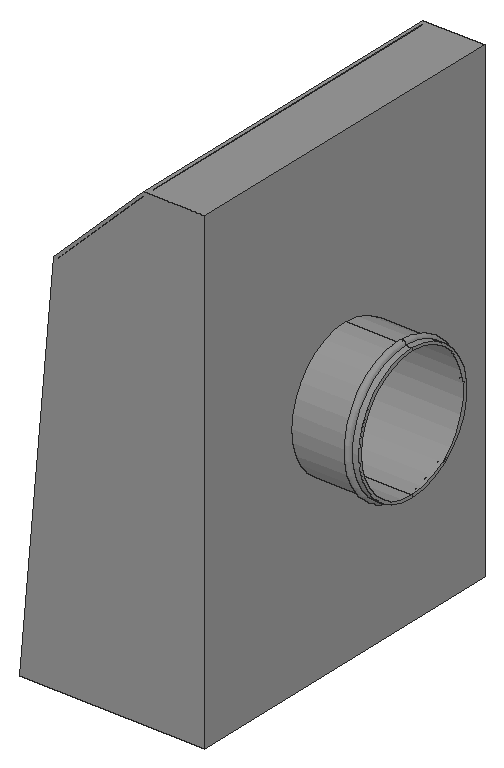
Revit family "ВЦН_ЕС_Eng", category Mechanical Equipment, Revit 2021 (continued)
Dimensions and locks
  "B1": cut or joined group 1 (Extrusion 1, Extrusion 2, Extrusion 3, Extrusion 4, Extrusion 5, Extrusion 6, Extrusion 7, Extrusion 8, Extrusion 9, Extrusion 10, Extrusion 11, Extrusion 13, Extrusion 14, Extrusion 15, Extrusion 16, Extrusion 17, Extrusion 18, Extrusion 19, Extrusion 20, Extrusion 21, Extrusion 22, Extrusion 23, Extrusion 24, Extrusion 25, Extrusion 26, Extrusion 27, Extrusion 28, Extrusion 29, Extrusion 30, Extrusion 31, Extrusion 32, Extrusion 33, Extrusion 34, Extrusion 35, Extrusion 36, Extrusion 37, Extrusion 38, Extrusion 39, Extrusion 40, Extrusion 41, Extrusion 42, Extrusion 43, Extrusion 44, Extrusion 45, Extrusion 46, Extrusion 47, Extrusion 48, Extrusion 49, Extrusion 50, Extrusion 51, Extrusion 52, Extrusion 53, Extrusion 54, Extrusion 55, Extrusion 56, Extrusion 57, Extrusion 58, Extrusion 59, Extrusion 60, Extrusion 61, Extrusion 62, Extrusion 63, Extrusion 64, Extrusion 65, Extrusion 66, Extrusion 67, Extrusion 68, Extrusion 69, Extrusion 70, Extrusion 71, Extrusion 72, Extrusion 73, Extrusion 74, Extrusion 75, Extrusion 76, Extrusion 77, Extrusion 78, Extrusion 79, Extrusion 80, Extrusion 81, Extrusion 82, Extrusion 83, Extrusion 85, Extrusion 86, Extrusion 87, Extrusion 88, Extrusion 89, Extrusion 90, Extrusion 91, Extrusion 92, Extrusion 93, Extrusion 94, Extrusion 95, Extrusion 96, Extrusion 97, Extrusion 98, Extrusion 99, Extrusion 100, Extrusion 101, Extrusion 102, Extrusion 103, Extrusion 104, Extrusion 105, Extrusion 106, Extrusion 107, Extrusion 108, Extrusion 109, Extrusion 110, Extrusion 111, Extrusion 112, Extrusion 113, Extrusion 114, Extrusion 115, Extrusion 116, Extrusion 117, Extrusion 118, Extrusion 119, Extrusion 120, Extrusion 121, Extrusion 122, Extrusion 123, Extrusion 124, Extrusion 125, Extrusion 126, Extrusion 127, Extrusion 128, Extrusion 129, Extrusion 130, Extrusion 131, Extrusion 132, Extrusion 133, Extrusion 134, Extrusion 135, Extrusion 136, Extrusion 137, Extrusion 138, Extrusion 139, Extrusion 140, Extrusion 141, Extrusion 142, Extrusion 143, Extrusion 144, Extrusion 145, Extrusion 146, Extrusion 147, Extrusion 148, Extrusion 149, Extrusion 152, Extrusion 153, Extrusion 154, Extrusion 155, Extrusion 156, Extrusion 157, Extrusion 158, Extrusion 159, Extrusion 160, Extrusion 161, Extrusion 162, Extrusion 163, Extrusion 164, Extrusion 165, Extrusion 166, Extrusion 167, Extrusion 168, Extrusion 169, Extrusion 170, Extrusion 171, Extrusion 172, Extrusion 173, Extrusion 174, Extrusion 175, Extrusion 176, Extrusion 177, Extrusion 178, Extrusion 179, Extrusion 180, Extrusion 181, Extrusion 182, Extrusion 183, Extrusion 184, Extrusion 185, Extrusion 186, Extrusion 187) to cut or joined group 1
  equal spacing: group 1, group 2, group 3, group 4, group 5, group 6, group 7, group 8, group 9, group 164  (x3)
  equal spacing: group 12, group 13, group 14, group 15, group 16, group 17, group 18, group 19, group 20, group 165  (x3)
  equal spacing: group 10, group 21, group 31, group 41, group 51, group 61, group 71, group 81, group 200  (x3)
  equal spacing: group 22, group 23, group 24, group 25, group 26, group 27, group 28, group 29, group 30, group 166  (x3)
  equal spacing: group 32, group 33, group 34, group 35, group 36, group 37, group 38, group 39, group 40, group 167  (x3)
  equal spacing: group 42, group 43, group 44, group 45, group 46, group 47, group 48, group 49, group 50, group 168  (x3)
  equal spacing: group 52, group 53, group 54, group 55, group 56, group 57, group 58, group 59, group 60, group 169  (x3)
  equal spacing: group 62, group 63, group 64, group 65, group 66, group 67, group 68, group 69, group 70, group 170  (x3)
  equal spacing: group 72, group 73, group 74, group 75, group 76, group 77, group 78, group 79, group 80, group 171  (x3)
  equal spacing: group 82, group 83, group 84, group 85, group 86, group 87, group 88, group 89, group 181  (x3)
  equal spacing: group 92, group 93, group 94, group 95, group 96, group 97, group 98, group 99, group 182  (x3)
  equal spacing: group 90, group 100, group 109, group 118, group 127, group 136, group 145, group 154, group 163, group 180  (x2)
  equal spacing: group 180, group 163, group 154, group 145, group 136, group 127, group 118, group 109, group 100, group 90
  equal spacing: group 101, group 102, group 103, group 104, group 105, group 106, group 107, group 108, group 183  (x3)
  equal spacing: group 110, group 111, group 112, group 113, group 114, group 115, group 116, group 117, group 184  (x3)
  equal spacing: group 119, group 120, group 121, group 122, group 123, group 124, group 125, group 126, group 185  (x3)
  equal spacing: group 128, group 129, group 130, group 131, group 132, group 133, group 134, group 135, group 186  (x3)
  equal spacing: group 137, group 138, group 139, group 140, group 141, group 142, group 143, group 144, group 187  (x3)
  equal spacing: group 146, group 147, group 148, group 149, group 150, group 151, group 152, group 153, group 188  (x3)
  equal spacing: group 155, group 156, group 157, group 158, group 159, group 160, group 161, group 162, group 189  (x3)
  "h": plane 6 to level
  locked: Revolve 150 sketch curve to Revolve 150 sketch curve at 2  (x4)
  "R": plane 6 to Revolve 150 sketch curve
  "L2": plane 3 "По центру (Влево/Вправо)" to Revolve 150 sketch curve
  locked: Revolve 150 sketch curve to plane 3 "По центру (Влево/Вправо)" at 50
  locked: plane 3 "По центру (Влево/Вправо)" to Revolve 150 sketch curve at 40
  locked: plane 6 to Revolve 150 sketch curve at 30
  "R1": plane 6 to Revolve 150 sketch curve
  locked: nested 1 to plane 3 "По центру (Влево/Вправо)" at 2
  Revolve 151 sketch curve to Revolve 151 sketch curve = 5 mm
  Revolve 151 sketch curve to plane 3 "По центру (Влево/Вправо)" = 40 mm
  "R": Revolve 151 sketch curve to plane 6
  "b1": nested 1 to plane 1 "По центру (Вперед/Назад)"
  equal spacing: group 172, group 173, group 174, group 175, group 176, group 177, group 178, group 179, group 190  (x3)
  equal spacing: group 191, group 192, group 193, group 194, group 195, group 196, group 197, group 198, group 199, group 201  (x3)
  "D": diameter of Extrusion 149 sketch curve
  locked: plane 5 to Extrusion 1 sketch curve (angle 45.00°)
  aligned and locked: level to plane 2
  aligned and locked: plane 6 to Revolve 150 sketch curve
Automatic sketch dimensions
  Extrusion 3 sketch curve to Extrusion 3 sketch curve = 10 mm  (x2)
  Extrusion 4 sketch curve to Extrusion 4 sketch curve = 10 mm  (x2)
  Extrusion 5 sketch curve to Extrusion 5 sketch curve = 10 mm  (x2)
  Extrusion 6 sketch curve to Extrusion 6 sketch curve = 10 mm  (x2)
  Extrusion 7 sketch curve to Extrusion 7 sketch curve = 10 mm  (x2)
  Extrusion 8 sketch curve to Extrusion 8 sketch curve = 10 mm  (x2)
  Extrusion 9 sketch curve to Extrusion 9 sketch curve = 10 mm  (x2)
  Extrusion 10 sketch curve to Extrusion 10 sketch curve = 10 mm  (x2)
  Extrusion 11 sketch curve to Extrusion 11 sketch curve = 10 mm  (x2)
  Extrusion 12 sketch curve to Extrusion 12 sketch curve = 10 mm  (x2)
  Extrusion 13 sketch curve to Extrusion 13 sketch curve = 10 mm  (x2)
  Extrusion 14 sketch curve to Extrusion 14 sketch curve = 10 mm  (x2)
  Extrusion 15 sketch curve to Extrusion 15 sketch curve = 10 mm  (x2)
  Extrusion 16 sketch curve to Extrusion 16 sketch curve = 10 mm  (x2)
  Extrusion 17 sketch curve to Extrusion 17 sketch curve = 10 mm  (x2)
  Extrusion 18 sketch curve to Extrusion 18 sketch curve = 10 mm  (x2)
  Extrusion 19 sketch curve to Extrusion 19 sketch curve = 10 mm  (x2)
  Extrusion 20 sketch curve to Extrusion 20 sketch curve = 10 mm  (x2)
  Extrusion 21 sketch curve to Extrusion 21 sketch curve = 10 mm  (x2)
  Extrusion 22 sketch curve to Extrusion 22 sketch curve = 10 mm  (x2)
  Extrusion 23 sketch curve to Extrusion 23 sketch curve = 10 mm  (x2)
  Extrusion 24 sketch curve to Extrusion 24 sketch curve = 10 mm  (x2)
  Extrusion 25 sketch curve to Extrusion 25 sketch curve = 10 mm  (x2)
  Extrusion 26 sketch curve to Extrusion 26 sketch curve = 10 mm  (x2)
  Extrusion 27 sketch curve to Extrusion 27 sketch curve = 10 mm  (x2)
  Extrusion 28 sketch curve to Extrusion 28 sketch curve = 10 mm  (x2)
  Extrusion 29 sketch curve to Extrusion 29 sketch curve = 10 mm  (x2)
  Extrusion 30 sketch curve to Extrusion 30 sketch curve = 10 mm  (x2)
  Extrusion 31 sketch curve to Extrusion 31 sketch curve = 10 mm  (x2)
  Extrusion 32 sketch curve to Extrusion 32 sketch curve = 10 mm  (x2)
  Extrusion 33 sketch curve to Extrusion 33 sketch curve = 10 mm  (x2)
  Extrusion 34 sketch curve to Extrusion 34 sketch curve = 10 mm  (x2)
  Extrusion 35 sketch curve to Extrusion 35 sketch curve = 10 mm  (x2)
  Extrusion 36 sketch curve to Extrusion 36 sketch curve = 10 mm  (x2)
  Extrusion 37 sketch curve to Extrusion 37 sketch curve = 10 mm  (x2)
  Extrusion 38 sketch curve to Extrusion 38 sketch curve = 10 mm  (x2)
  Extrusion 39 sketch curve to Extrusion 39 sketch curve = 10 mm  (x2)
  Extrusion 40 sketch curve to Extrusion 40 sketch curve = 10 mm  (x2)
  Extrusion 41 sketch curve to Extrusion 41 sketch curve = 10 mm  (x2)
  Extrusion 42 sketch curve to Extrusion 42 sketch curve = 10 mm  (x2)
  Extrusion 43 sketch curve to Extrusion 43 sketch curve = 10 mm  (x2)
  Extrusion 44 sketch curve to Extrusion 44 sketch curve = 10 mm  (x2)
  Extrusion 45 sketch curve to Extrusion 45 sketch curve = 10 mm  (x2)
  Extrusion 46 sketch curve to Extrusion 46 sketch curve = 10 mm  (x2)
  Extrusion 47 sketch curve to Extrusion 47 sketch curve = 10 mm  (x2)
  Extrusion 48 sketch curve to Extrusion 48 sketch curve = 10 mm  (x2)
  Extrusion 49 sketch curve to Extrusion 49 sketch curve = 10 mm  (x2)
  Extrusion 50 sketch curve to Extrusion 50 sketch curve = 10 mm  (x2)
  Extrusion 51 sketch curve to Extrusion 51 sketch curve = 10 mm  (x2)
  Extrusion 52 sketch curve to Extrusion 52 sketch curve = 10 mm  (x2)
  Extrusion 53 sketch curve to Extrusion 53 sketch curve = 10 mm  (x2)
  Extrusion 54 sketch curve to Extrusion 54 sketch curve = 10 mm  (x2)
  Extrusion 55 sketch curve to Extrusion 55 sketch curve = 10 mm  (x2)
  Extrusion 56 sketch curve to Extrusion 56 sketch curve = 10 mm  (x2)
  Extrusion 57 sketch curve to Extrusion 57 sketch curve = 10 mm  (x2)
  Extrusion 58 sketch curve to Extrusion 58 sketch curve = 10 mm  (x2)
  Extrusion 59 sketch curve to Extrusion 59 sketch curve = 10 mm  (x2)
  Extrusion 60 sketch curve to Extrusion 60 sketch curve = 10 mm  (x2)
  Extrusion 61 sketch curve to Extrusion 61 sketch curve = 10 mm  (x2)
  Extrusion 62 sketch curve to Extrusion 62 sketch curve = 10 mm  (x2)
  Extrusion 63 sketch curve to Extrusion 63 sketch curve = 10 mm  (x2)
  Extrusion 64 sketch curve to Extrusion 64 sketch curve = 10 mm  (x2)
  Extrusion 65 sketch curve to Extrusion 65 sketch curve = 10 mm  (x2)
  Extrusion 66 sketch curve to Extrusion 66 sketch curve = 10 mm  (x2)
  Extrusion 67 sketch curve to Extrusion 67 sketch curve = 10 mm  (x2)
  Extrusion 68 sketch curve to Extrusion 68 sketch curve = 10 mm  (x2)
  Extrusion 69 sketch curve to Extrusion 69 sketch curve = 10 mm  (x2)
  Extrusion 70 sketch curve to Extrusion 70 sketch curve = 10 mm  (x2)
  Extrusion 71 sketch curve to Extrusion 71 sketch curve = 10 mm  (x2)
  Extrusion 72 sketch curve to Extrusion 72 sketch curve = 10 mm  (x2)
  Extrusion 73 sketch curve to Extrusion 73 sketch curve = 10 mm  (x2)
  Extrusion 74 sketch curve to Extrusion 74 sketch curve = 10 mm  (x2)
  Extrusion 75 sketch curve to Extrusion 75 sketch curve = 10 mm  (x2)
  Extrusion 76 sketch curve to Extrusion 76 sketch curve = 10 mm  (x2)
  Extrusion 77 sketch curve to Extrusion 77 sketch curve = 10 mm  (x2)
  Extrusion 78 sketch curve to Extrusion 78 sketch curve = 10 mm  (x2)
  Extrusion 79 sketch curve to Extrusion 79 sketch curve = 10 mm  (x2)
  Extrusion 80 sketch curve to Extrusion 80 sketch curve = 10 mm  (x2)
  Extrusion 81 sketch curve to Extrusion 81 sketch curve = 10 mm  (x2)
  Extrusion 82 sketch curve to Extrusion 82 sketch curve = 10 mm  (x2)
  Extrusion 83 sketch curve to Extrusion 83 sketch curve = 10 mm  (x2)
  Extrusion 84 sketch curve to Extrusion 84 sketch curve = 10 mm  (x2)
  Extrusion 85 sketch curve to Extrusion 85 sketch curve = 10 mm  (x2)
  Extrusion 86 sketch curve to Extrusion 86 sketch curve = 10 mm  (x2)
  Extrusion 87 sketch curve to Extrusion 87 sketch curve = 10 mm  (x2)
  Extrusion 88 sketch curve to Extrusion 88 sketch curve = 10 mm  (x2)
  Extrusion 89 sketch curve to Extrusion 89 sketch curve = 10 mm  (x2)
  Extrusion 90 sketch curve to Extrusion 90 sketch curve = 10 mm  (x2)
  Extrusion 91 sketch curve to Extrusion 91 sketch curve = 10 mm  (x2)
  Extrusion 92 sketch curve to Extrusion 92 sketch curve = 10 mm  (x2)
  Extrusion 93 sketch curve to Extrusion 93 sketch curve = 10 mm  (x2)
  Extrusion 94 sketch curve to Extrusion 94 sketch curve = 10 mm  (x2)
  Extrusion 95 sketch curve to Extrusion 95 sketch curve = 10 mm  (x2)
  Extrusion 96 sketch curve to Extrusion 96 sketch curve = 10 mm  (x2)
  Extrusion 97 sketch curve to Extrusion 97 sketch curve = 10 mm  (x2)
  Extrusion 98 sketch curve to Extrusion 98 sketch curve = 10 mm  (x2)
  Extrusion 99 sketch curve to Extrusion 99 sketch curve = 10 mm  (x2)
  Extrusion 100 sketch curve to Extrusion 100 sketch curve = 10 mm  (x2)
  Extrusion 101 sketch curve to Extrusion 101 sketch curve = 10 mm  (x2)
  Extrusion 102 sketch curve to Extrusion 102 sketch curve = 10 mm  (x2)
  Extrusion 103 sketch curve to Extrusion 103 sketch curve = 10 mm  (x2)
  Extrusion 104 sketch curve to Extrusion 104 sketch curve = 10 mm  (x2)
  Extrusion 105 sketch curve to Extrusion 105 sketch curve = 10 mm  (x2)
  Extrusion 106 sketch curve to Extrusion 106 sketch curve = 10 mm  (x2)
  Extrusion 107 sketch curve to Extrusion 107 sketch curve = 10 mm  (x2)
  Extrusion 108 sketch curve to Extrusion 108 sketch curve = 10 mm  (x2)
  Extrusion 109 sketch curve to Extrusion 109 sketch curve = 10 mm  (x2)
  Extrusion 110 sketch curve to Extrusion 110 sketch curve = 10 mm  (x2)
  Extrusion 111 sketch curve to Extrusion 111 sketch curve = 10 mm  (x2)
  Extrusion 112 sketch curve to Extrusion 112 sketch curve = 10 mm  (x2)
  Extrusion 113 sketch curve to Extrusion 113 sketch curve = 10 mm  (x2)
  Extrusion 114 sketch curve to Extrusion 114 sketch curve = 10 mm  (x2)
  Extrusion 115 sketch curve to Extrusion 115 sketch curve = 10 mm  (x2)
  Extrusion 116 sketch curve to Extrusion 116 sketch curve = 10 mm  (x2)
  Extrusion 117 sketch curve to Extrusion 117 sketch curve = 10 mm  (x2)
  Extrusion 118 sketch curve to Extrusion 118 sketch curve = 10 mm  (x2)
  Extrusion 119 sketch curve to Extrusion 119 sketch curve = 10 mm  (x2)
  Extrusion 120 sketch curve to Extrusion 120 sketch curve = 10 mm  (x2)
  Extrusion 121 sketch curve to Extrusion 121 sketch curve = 10 mm  (x2)
  Extrusion 122 sketch curve to Extrusion 122 sketch curve = 10 mm  (x2)
  Extrusion 123 sketch curve to Extrusion 123 sketch curve = 10 mm  (x2)
  Extrusion 124 sketch curve to Extrusion 124 sketch curve = 10 mm  (x2)
  Extrusion 125 sketch curve to Extrusion 125 sketch curve = 10 mm  (x2)
  Extrusion 126 sketch curve to Extrusion 126 sketch curve = 10 mm  (x2)
  Extrusion 127 sketch curve to Extrusion 127 sketch curve = 10 mm  (x2)
  Extrusion 128 sketch curve to Extrusion 128 sketch curve = 10 mm  (x2)
  Extrusion 129 sketch curve to Extrusion 129 sketch curve = 10 mm  (x2)
  Extrusion 130 sketch curve to Extrusion 130 sketch curve = 10 mm  (x2)
  Extrusion 131 sketch curve to Extrusion 131 sketch curve = 10 mm  (x2)
  Extrusion 132 sketch curve to Extrusion 132 sketch curve = 10 mm  (x2)
  Extrusion 133 sketch curve to Extrusion 133 sketch curve = 10 mm  (x2)
  Extrusion 134 sketch curve to Extrusion 134 sketch curve = 10 mm  (x2)
  Extrusion 135 sketch curve to Extrusion 135 sketch curve = 10 mm  (x2)
  Extrusion 136 sketch curve to Extrusion 136 sketch curve = 10 mm  (x2)
  Extrusion 137 sketch curve to Extrusion 137 sketch curve = 10 mm  (x2)
  Extrusion 138 sketch curve to Extrusion 138 sketch curve = 10 mm  (x2)
  Extrusion 139 sketch curve to Extrusion 139 sketch curve = 10 mm  (x2)
  Extrusion 140 sketch curve to Extrusion 140 sketch curve = 10 mm  (x2)
  Extrusion 141 sketch curve to Extrusion 141 sketch curve = 10 mm  (x2)
  Extrusion 142 sketch curve to Extrusion 142 sketch curve = 10 mm  (x2)
  Extrusion 143 sketch curve to Extrusion 143 sketch curve = 10 mm  (x2)
  Extrusion 144 sketch curve to Extrusion 144 sketch curve = 10 mm  (x2)
  Extrusion 145 sketch curve to Extrusion 145 sketch curve = 10 mm  (x2)
  Extrusion 146 sketch curve to Extrusion 146 sketch curve = 10 mm  (x2)
  Extrusion 147 sketch curve to Extrusion 147 sketch curve = 10 mm  (x2)
  Extrusion 148 sketch curve to Extrusion 148 sketch curve = 10 mm  (x2)
  Extrusion 152 sketch curve to Extrusion 152 sketch curve = 10 mm  (x2)
  Extrusion 153 sketch curve to Extrusion 153 sketch curve = 10 mm  (x2)
  Extrusion 154 sketch curve to Extrusion 154 sketch curve = 10 mm  (x2)
  Extrusion 155 sketch curve to Extrusion 155 sketch curve = 10 mm  (x2)
  Extrusion 156 sketch curve to Extrusion 156 sketch curve = 10 mm  (x2)
  Extrusion 157 sketch curve to Extrusion 157 sketch curve = 10 mm  (x2)
  Extrusion 158 sketch curve to Extrusion 158 sketch curve = 10 mm  (x2)
  Extrusion 159 sketch curve to Extrusion 159 sketch curve = 10 mm  (x2)
  Extrusion 160 sketch curve to Extrusion 160 sketch curve = 10 mm  (x2)
  Extrusion 161 sketch curve to Extrusion 161 sketch curve = 10 mm  (x2)
  Extrusion 162 sketch curve to Extrusion 162 sketch curve = 10 mm  (x2)
  Extrusion 163 sketch curve to Extrusion 163 sketch curve = 10 mm  (x2)
  Extrusion 164 sketch curve to Extrusion 164 sketch curve = 10 mm  (x2)
  Extrusion 165 sketch curve to Extrusion 165 sketch curve = 10 mm  (x2)
  Extrusion 166 sketch curve to Extrusion 166 sketch curve = 10 mm  (x2)
  Extrusion 167 sketch curve to Extrusion 167 sketch curve = 10 mm  (x2)
  Extrusion 1 sketch curve to level = 0 mm
  Extrusion 1 sketch curve to plane 4 = 0 mm
  Extrusion 1 sketch curve to plane 5 = 0 mm
  Extrusion 1 sketch curve to plane 3 "По центру (Влево/Вправо)" = 0 mm
  plane 4 to Extrusion 1 sketch curve = 25.216 mm
  Extrusion 149 sketch curve to plane 1 "По центру (Вперед/Назад)" = 0 mm
  Extrusion 149 sketch curve to plane 6 = 0 mm
  Revolve 150 sketch curve to plane 6 = 0 mm
  Revolve 150 sketch curve to Revolve 150 sketch curve = 11.766 mm
  Revolve 150 sketch curve to plane 3 "По центру (Влево/Вправо)" = 25.14 mm
  Revolve 150 sketch curve to Revolve 150 sketch curve = 15.14 mm
  Revolve 150 sketch curve to Revolve 150 sketch curve = 14.86 mm
  Revolve 151 sketch curve to plane 6 = 0 mm
  plane 3 "По центру (Влево/Вправо)" to Revolve 151 sketch curve = 30 mm
  Revolve 151 sketch curve to Revolve 151 sketch curve = 15 mm
  Extrusion 168 sketch curve to Extrusion 168 sketch curve = 10 mm  (x2)
  Extrusion 169 sketch curve to Extrusion 169 sketch curve = 10 mm  (x2)
  Extrusion 170 sketch curve to Extrusion 170 sketch curve = 10 mm  (x2)
  Extrusion 171 sketch curve to Extrusion 171 sketch curve = 10 mm  (x2)
  Extrusion 172 sketch curve to Extrusion 172 sketch curve = 10 mm  (x2)
  Extrusion 173 sketch curve to Extrusion 173 sketch curve = 10 mm  (x2)
  Extrusion 174 sketch curve to Extrusion 174 sketch curve = 10 mm  (x2)
  Extrusion 175 sketch curve to Extrusion 175 sketch curve = 10 mm  (x2)
  Extrusion 176 sketch curve to Extrusion 176 sketch curve = 10 mm  (x2)
  Extrusion 177 sketch curve to Extrusion 177 sketch curve = 10 mm  (x2)
  Extrusion 178 sketch curve to Extrusion 178 sketch curve = 10 mm  (x2)
  Extrusion 179 sketch curve to Extrusion 179 sketch curve = 10 mm  (x2)
  Extrusion 180 sketch curve to Extrusion 180 sketch curve = 10 mm  (x2)
  Extrusion 181 sketch curve to Extrusion 181 sketch curve = 10 mm  (x2)
  Extrusion 182 sketch curve to Extrusion 182 sketch curve = 10 mm  (x2)
  Extrusion 183 sketch curve to Extrusion 183 sketch curve = 10 mm  (x2)
  Extrusion 184 sketch curve to Extrusion 184 sketch curve = 10 mm  (x2)
  Extrusion 185 sketch curve to Extrusion 185 sketch curve = 10 mm  (x2)
  Extrusion 186 sketch curve to Extrusion 186 sketch curve = 10 mm  (x2)
  Extrusion 187 sketch curve to Extrusion 187 sketch curve = 10 mm  (x2)
Nested families
  nested 1: "Electrical box" at (-2, -84.5, 309.5) x (0, 1, 0) z (-1, 0, 0), type "75х75"
Connectors
  electrical at (-27, -43, 309.5), driven by "Voltage", driven by "Apparent Load"
    settings: on nested 1, index 1, voltage 230 V, apparent load 71.3 VA, apparent load phase1 0 VA, apparent load phase2 0 VA, apparent load phase3 0 VA, power factor 1, load classification "Двигатель", number of poles 1, system type 30, power factor state 1, is connector primary yes, connector utility no, sub classification motor no, connector description ""
  hvac at (50, 0, 177.5), driven by "D"
    settings: on Revolve 150, index 2, duct flow 0.0 m³/h, flow factor 0, pres drop 0.0 Pa, loss coef 0, conn angle 0.00°, conn width 304.8 mm, conn height 304.8 mm, conn diameter 100 mm, duct sys type 3, conn prof type 0, flow config 0, flow direction 1, loss method 0, conn ref index -1, conn util no, is conn primary yes, conn desc ""
Definition of nested family "Electrical box"
  Parameters (values of type "75х75")
    Ш1 = Ш / 2 - 15 mm  # 22.5 mm
    Ш = 75 mm
    Default Elevation = 0 mm
    Л = Д / 4  # 18.75 mm
    Д1 = Д / 2 - 15 mm  # 22.5 mm
    Д = 75 mm
    h = H / 2  # 25 mm
    H = 50 mm
  Reference planes
    plane 1 "По центру (Вперед/Назад)": y = 0
    plane 2: z = 0
    plane 3 "По центру (Влево/Вправо)": x = 0
  Forms (mm)
    Extrusion 1, solid
      sketch origin (0, 0, 0) x (1, 0, 0) y (0, 1, 0)
        loop
          line (-37.5, 37.5) -> (-37.5, -37.5) -> (37.5, -37.5) -> (37.5, 37.5) -> (-37.5, 37.5)
      from 0 to 50 <- "H"
    Sweep 2, void
      path in 3D
        loop
          line (-37.5, 37.5, 50) -> (-37.5, -37.5, 50) -> (37.5, -37.5, 50) -> (37.5, 37.5, 50) -> (-37.5, 37.5, 50)
      profile origin (0, 37.5, 50) x (0, -1, 0) y (0, 0, 1)
        loop
          line (5, 0) -> (0, 0) -> (0, -5)
          arc (0, -5) -> (1.464, -1.464) -> (5, 0) r 5
    Extrusion 3, void
      sketch origin (0, 0, 0) x (0, 1, 0) y (0, 0, 1)
        loop
          circle (0, 25) r 10
      from -37.5 to -32.5
    Extrusion 4, void
      sketch origin (0, 0, 0) x (0, 1, 0) y (0, 0, 1)
        loop
          circle (0, 25) r 10
      from 32.5 to 37.5
    Extrusion 5, void
      sketch origin (0, 0, 0) x (1, 0, 0) y (0, 0, 1)
        loop
          circle (18.75, 25) r 10
        loop
          circle (-18.75, 25) r 10
      from 32.5 to 37.5
    Extrusion 6, void
      sketch origin (0, 0, 0) x (1, 0, 0) y (0, 0, 1)
        loop
          circle (18.75, 25) r 10
        loop
          circle (-18.75, 25) r 10
      from -37.5 to -32.5
  Cuts and joins
    Sweep 2, Extrusion 3, Extrusion 4, Extrusion 5, Extrusion 6 cuts Extrusion 1
  Lines and regions (mm)
    sketch lines
      curve 1: line (37.5, 37.5, 50) -> (-37.5, 37.5, 50)
      curve 2: line (37.5, -37.5, 50) -> (37.5, 37.5, 50)
      curve 3: line (-37.5, -37.5, 50) -> (37.5, -37.5, 50)
      curve 4: line (-37.5, 37.5, 50) -> (-37.5, -37.5, 50)
  Dimensions and locks
    "Д": Extrusion 1 sketch curve to Extrusion 1 sketch curve
    "Ш": Extrusion 1 sketch curve to Extrusion 1 sketch curve
    equal spacing: Extrusion 1 sketch curve, plane 3 "По центру (Влево/Вправо)", Extrusion 1 sketch curve
    equal spacing: Extrusion 1 sketch curve, plane 1 "По центру (Вперед/Назад)", Extrusion 1 sketch curve
    "Д1": nested 2 to plane 3 "По центру (Влево/Вправо)"
    "Д1": plane 3 "По центру (Влево/Вправо)" to nested 1
    "Д1": nested 4 to plane 3 "По центру (Влево/Вправо)"
    "Д1": plane 3 "По центру (Влево/Вправо)" to nested 3
    "Ш1": nested 3 to plane 1 "По центру (Вперед/Назад)"
    "Ш1": plane 1 "По центру (Вперед/Назад)" to nested 1
    "Ш1": nested 4 to plane 1 "По центру (Вперед/Назад)"
    "Ш1": plane 1 "По центру (Вперед/Назад)" to nested 2
    "h": Extrusion 3 sketch curve to level
    "h": Extrusion 4 sketch curve to level
    "h": level to Extrusion 5 sketch curve  (x2)
    "Л": plane 3 "По центру (Влево/Вправо)" to Extrusion 5 sketch curve
    "Л": Extrusion 5 sketch curve to plane 3 "По центру (Влево/Вправо)"
    "h": level to Extrusion 6 sketch curve  (x2)
    "Л": Extrusion 6 sketch curve to plane 3 "По центру (Влево/Вправо)"
    "Л": plane 3 "По центру (Влево/Вправо)" to Extrusion 6 sketch curve
    "h": level to nested 5
    "h": level to nested 6
    "Л": nested 8 to plane 3 "По центру (Влево/Вправо)"
    "Л": nested 7 to plane 3 "По центру (Влево/Вправо)"
    "Л": plane 3 "По центру (Влево/Вправо)" to nested 9
    "Л": plane 3 "По центру (Влево/Вправо)" to nested 10
    radius of Extrusion 6 sketch curve = 10 mm
    aligned and locked: level to plane 2
    aligned and locked: Extrusion 1 to Extrusion 3
    aligned and locked: Sweep 2 to Extrusion 3
    aligned and locked: Extrusion 1 to Extrusion 4
    aligned and locked: Sweep 2 to Extrusion 4
    aligned and locked: Extrusion 1 to Extrusion 5
    aligned and locked: Sweep 2 to Extrusion 5
    aligned and locked: Extrusion 1 to Extrusion 6
    aligned and locked: Extrusion 6 to Sweep 2
    aligned and locked: plane 1 "По центру (Вперед/Назад)" to nested 5
    aligned and locked: nested 5 to cut or joined group of Extrusion 1, Sweep 2, Extrusion 3, Extrusion 4, Extrusion 5, Extrusion 6
    aligned and locked: nested 6 to plane 1 "По центру (Вперед/Назад)"
    aligned and locked: cut or joined group of Extrusion 1, Sweep 2, Extrusion 3, Extrusion 4, Extrusion 5, Extrusion 6 to nested 6
    aligned and locked: cut or joined group of Extrusion 1, Sweep 2, Extrusion 3, Extrusion 4, Extrusion 5, Extrusion 6 to nested 7
    aligned and locked: nested 8 to cut or joined group of Extrusion 1, Sweep 2, Extrusion 3, Extrusion 4, Extrusion 5, Extrusion 6
    aligned and locked: cut or joined group of Extrusion 1, Sweep 2, Extrusion 3, Extrusion 4, Extrusion 5, Extrusion 6 to nested 10
    aligned and locked: plane 3 "По центру (Влево/Вправо)" to nested 11
  Automatic sketch dimensions
    Sweep 2 sketch curve to profile plane = 0 mm  (x2)
    Sweep 2 sketch curve to profile plane = 5 mm
    Extrusion 3 sketch curve to plane 1 "По центру (Вперед/Назад)" = 0 mm
    Extrusion 4 sketch curve to plane 1 "По центру (Вперед/Назад)" = 0 mm
    radius of Extrusion 3 sketch curve = 10 mm
    radius of Extrusion 4 sketch curve = 10 mm
    radius of Extrusion 5 sketch curve = 10 mm  (x2)
    radius of Extrusion 6 sketch curve = 10 mm
  Nested families
    nested 1: "Винт" at (22.5, 22.5, 50), built-in parameter 1001364 <- "H", type "Винт"
    nested 2: "Винт" at (-22.5, 22.5, 50), built-in parameter 1001364 <- "H", type "Винт"
    nested 3: "Винт" at (22.5, -22.5, 50), built-in parameter 1001364 <- "H", type "Винт"
    nested 4: "Винт" at (-22.5, -22.5, 50), built-in parameter 1001364 <- "H", type "Винт"
    nested 5: "Заглушка" at (33.5, 0, 25) x (0, 0, -1) z (1, 0, 0), built-in parameter 1001360 <- "h", type "Заглушка"
    nested 6: "Заглушка" at (-33.5, 0, 25) x (0, 0, -1) z (-1, 0, 0), built-in parameter 1001360 <- "h", type "Заглушка"
    nested 7: "Заглушка" at (-18.75, 33.5, 25) x (0, 0, -1) z (0, 1, 0), built-in parameter 1001360 <- "h", type "Заглушка"
    nested 8: "Заглушка" at (-18.75, -33.5, 25) x (0, 0, -1) z (0, -1, 0), built-in parameter 1001360 <- "h", type "Заглушка"
    nested 9: "Заглушка" at (18.75, 33.5, 25) x (0, 0, -1) z (0, 1, 0), built-in parameter 1001360 <- "h", type "Заглушка"
    nested 10: "Заглушка" at (18.75, -33.5, 25) x (0, 0, -1) z (0, -1, 0), built-in parameter 1001360 <- "h", type "Заглушка"
    nested 11: "Электрика" at (0, 3.125, 50), built-in parameter 1001360 <- "H", type "Электрика"
  Definition of nested family "Винт"
    Parameters (values of type "Винт")
      Default Elevation = 0 mm
    Reference planes
      plane 1 "По центру (Вперед/Назад)": y = 0
      plane 2: z = 0
      plane 3 "По центру (Влево/Вправо)": x = 0
    Forms (mm)
      Revolve 1, solid
        sketch origin (0, 0, 0) x (1, 0, 0) y (0, 0, 1)
          loop
            line (0, -20) -> (2.5, -20) -> (2.5, 0) -> (5, 0) -> (5, 0.988)
            arc (5, 0.988) -> (2.589, 1.966) -> (0, 2.235) r 9.254
            line (0, 2.235) -> (0, -20)
          axis (0, 2.235) -> (0, -20)
        angle from 0 to 360
      Extrusion 2, void
        sketch origin (0, -0.137, 0) x (1, 0, 0) y (0, 1, 0)
          loop
            line (-0.439, -5.142) -> (0.455, -5.142) -> (0.455, -0.343) -> (5.265, -0.343) -> (5.265, 0.594) -> (0.455, 0.594) -> (0.455, 5.38) -> (-0.439, 5.38) -> (-0.439, 0.594) -> (-5.291, 0.594) -> (-5.291, -0.343) -> (-0.439, -0.343) -> (-0.439, -5.142)
        from 0.988 to 3.071
    Cuts and joins
      Extrusion 2 cuts Revolve 1
    Dimensions and locks
      aligned and locked: level to plane 2
      aligned and locked: Extrusion 2 to Revolve 1
  Definition of nested family "Заглушка"
    Parameters (values of type "Заглушка")
      Default Elevation = 0 mm
    Reference planes
      plane 1 "По центру (Вперед/Назад)": y = 0
      plane 2: z = 0
      plane 3 "По центру (Влево/Вправо)": x = 0
    Forms (mm)
      Extrusion 1, solid
        sketch origin (0, 0, 0) x (1, 0, 0) y (0, 1, 0)
          loop
            circle (0, 0) r 12
        from 4 to 5
      Extrusion 2, solid
        sketch origin (0, 0, 0) x (1, 0, 0) y (0, 1, 0)
          loop
            circle (0, 0) r 10
        from 5 to 6
      Extrusion 3, solid
        sketch origin (0, 0, 0) x (1, 0, 0) y (0, 1, 0)
          loop
            circle (0, 0) r 8
        from 6 to 7
      Extrusion 4, solid
        sketch origin (0, 0, 0) x (1, 0, 0) y (0, 1, 0)
          loop
            circle (0, 0) r 6
        from 7 to 8
      Extrusion 5, solid
        sketch origin (0, 0, 0) x (1, 0, 0) y (0, 1, 0)
          loop
            circle (0, 0) r 4
        from 8 to 9
      Extrusion 6, solid
        sketch origin (0, 0, 0) x (1, 0, 0) y (0, 1, 0)
          loop
            circle (0, 0) r 2
        from 9 to 10
    Dimensions and locks
      aligned and locked: level to plane 2
  Definition of nested family "Электрика"
    Parameters (values of type "Электрика")
      Default Elevation = 0 mm
    Reference planes
      plane 1 "По центру (Вперед/Назад)": y = 0
      plane 2: z = 0
      plane 3 "По центру (Влево/Вправо)": x = 0
    Forms (mm)
      Extrusion 1, solid
        sketch origin (0, -20.999, 0) x (1, 0, 0) y (0, 1, 0)
          loop
            line (0, 0.664) -> (18.543, 0.664)
            arc (18.543, 0.664) -> (21.349, 1.985) -> (22.119, 4.99) r 3.641
            line (22.119, 4.99) -> (2.806, 38.44)
            arc (2.806, 38.44) -> (0, 39.762) -> (-2.806, 38.44) r 3.641
            line (-2.806, 38.44) -> (-22.119, 4.99)
            arc (-22.119, 4.99) -> (-21.349, 1.985) -> (-18.543, 0.664) r 3.641
            line (-18.543, 0.664) -> (0, 0.664)
          loop
            arc (-20.055, 4.565) -> (-19.717, 3.245) -> (-18.484, 2.664) r 1.6
            line (-18.484, 2.664) -> (18.396, 2.664)
            arc (18.396, 2.664) -> (19.729, 3.379) -> (19.87, 4.885) r 1.6
            line (19.87, 4.885) -> (1.2, 37.223)
            arc (1.2, 37.223) -> (0.104, 37.807) -> (-1.079, 37.432) r 1.6
            line (-1.079, 37.432) -> (-20.055, 4.565)
        from 0 to 1
      Extrusion 2, solid
        sketch origin (0, -20.999, 0) x (1, 0, 0) y (0, 1, 0)
          loop
            line (1.519, 30.846) -> (-2.718, 30.846) -> (-7.387, 14.53) -> (2.226, 19.012) -> (-1.819, 8.947) -> (-2.667, 9.352) -> (-2.823, 5.949) -> (-0.273, 8.208) -> (-1.096, 8.601) -> (5.366, 22.132) -> (-4.385, 17.585) -> (1.519, 30.846)
        from 0 to 1
      Extrusion 3, solid
        sketch origin (0, -20.999, 0) x (1, 0, 0) y (0, 1, 0)
          loop
            line (-1.079, 37.432) -> (-20.055, 4.565)
            arc (-20.055, 4.565) -> (-19.717, 3.245) -> (-18.484, 2.664) r 1.6
            line (-18.484, 2.664) -> (18.396, 2.664)
            arc (18.396, 2.664) -> (19.781, 3.464) -> (19.781, 5.064) r 1.6
            line (19.781, 5.064) -> (1.296, 37.092)
            arc (1.296, 37.092) -> (0.185, 37.798) -> (-1.079, 37.432) r 1.6
        from 0 to 0.9
    Dimensions and locks
      aligned and locked: level to plane 2
Types (17, lengths in mm): name | Width | Weight | Temperature of moving air | Sound pressure level at 3 m distance | Power | Maximum Air Flow | Length | Height | Diameter | Horizon | Vertical | h | b1 | URL | R3 | R1 | R | L2 | L1 | L | H | D | B1 | B | Apparent Load | Amperage | 00_20_Type
  (no name) | 138 | 3.82 kg | "55 °C" | "54 dBA" | 71 W | 325.0 m³/h | 260 | 355 | 100 | 9 | 10 | 177.5 | 128 | "https://ventilation-system.com/series/vcn" | 51.5 | 65 | 50 | 92 | 46 | 138 | 355 | 100 | 256 | 260 | 71.3 VA | 0.31 A | "VCN 100"
  VCN 100 | 138 | 3.82 kg | "55 °C" | "54 dBA" | 71 W | 325.0 m³/h | 260 | 355 | 100 | 9 | 10 | 177.5 | 128 | "https://ventilation-system.com/series/vcn" | 51.5 | 65 | 50 | 92 | 46 | 138 | 355 | 100 | 256 | 260 | 71.3 VA | 0.31 A | "VCN 100"
  VCN 200 | 138.2 | 4.62 kg | "55 °C" | "62 dBA" | 96 W | 700.0 m³/h | 300 | 400 | 200 | 9 | 11 | 200 | 148 | "https://ventilation-system.com/series/vcn" | 101.5 | 130 | 100 | 92.133 | 46.067 | 138.2 | 400 | 200 | 296 | 300 | 96.6 VA | 0.42 A | "VCN 200"
  VCN 125 | 138 | 3.82 kg | "55 °C" | "54 dBA" | 75 W | 485.0 m³/h | 260 | 355 | 125 | 9 | 10 | 177.5 | 128 | "https://ventilation-system.com/series/vcn" | 64 | 81.25 | 62.5 | 92 | 46 | 138 | 355 | 125 | 256 | 260 | 75.9 VA | 0.33 A | "VCN 125"
  VCN 150 | 138.2 | 4.53 kg | "55 °C" | "58 dBA" | 96 W | 630.0 m³/h | 300 | 400 | 150 | 9 | 11 | 200 | 148 | "https://ventilation-system.com/series/vcn" | 76.5 | 97.5 | 75 | 92.133 | 46.067 | 138.2 | 400 | 150 | 296 | 300 | 96.6 VA | 0.42 A | "VCN 150"
  VCN 160 | 138.2 | 4.53 kg | "55 °C" | "60 dBA" | 95 W | 650.0 m³/h | 300 | 400 | 160 | 9 | 11 | 200 | 148 | "https://ventilation-system.com/series/vcn" | 81.5 | 104 | 80 | 92.133 | 46.067 | 138.2 | 400 | 160 | 296 | 300 | 94.3 VA | 0.41 A | "VCN 160"
  VCN 200 К | 138.2 | 4.62 kg | "55 °C" | "62 dBA" | 96 W | 640.0 m³/h | 300 | 400 | 200 | 9 | 11 | 200 | 148 | "https://ventilation-system.com/series/vcn" | 101.5 | 130 | 100 | 92.133 | 46.067 | 138.2 | 400 | 200 | 296 | 300 | 96.6 VA | 0.42 A | "VCN 200 К"
  VCN 160 К | 138.2 | 4.53 kg | "55 °C" | "60 dBA" | 95 W | 590.0 m³/h | 300 | 400 | 160 | 9 | 11 | 200 | 148 | "https://ventilation-system.com/series/vcn" | 81.5 | 104 | 80 | 92.133 | 46.067 | 138.2 | 400 | 160 | 296 | 300 | 94.3 VA | 0.41 A | "VCN 160 К"
  VCN 150 К | 138.2 | 4.53 kg | "55 °C" | "58 dBA" | 96 W | 565.0 m³/h | 300 | 400 | 150 | 9 | 11 | 200 | 148 | "https://ventilation-system.com/series/vcn" | 76.5 | 97.5 | 75 | 92.133 | 46.067 | 138.2 | 400 | 150 | 296 | 300 | 96.6 VA | 0.42 A | "VCN 150 К"
  VCN 125 К | 138 | 3.82 kg | "55 °C" | "54 dBA" | 75 W | 450.0 m³/h | 260 | 355 | 125 | 9 | 10 | 177.5 | 128 | "https://ventilation-system.com/series/vcn" | 64 | 81.25 | 62.5 | 92 | 46 | 138 | 355 | 125 | 256 | 260 | 75.9 VA | 0.33 A | "VCN 125 К"
  VCN 100 К | 138 | 3.82 kg | "55 °C" | "54 dBA" | 71 W | 295.0 m³/h | 260 | 355 | 100 | 9 | 10 | 177.5 | 128 | "https://ventilation-system.com/series/vcn" | 51.5 | 65 | 50 | 92 | 46 | 138 | 355 | 100 | 256 | 260 | 71.3 VA | 0.31 A | "VCN 100 К"
  VCN 100 EC | 140 | 3.60 kg | "-25...+40 °C" | "55 dBA" | 89 W | 313.0 m³/h | 260 | 355 | 100 | 9 | 10 | 177.5 | 128 | "https://ventilation-system.com/series/vcn-ec" | 51.5 | 65 | 50 | 93.333 | 46.667 | 140 | 355 | 100 | 256 | 260 | 121.9 VA | 0.53 A | "VCN 100 EC"
  VCN 125 ЕС | 140 | 3.60 kg | "-25...+40 °C" | "57 dBA" | 103 W | 480.0 m³/h | 260 | 355 | 125 | 9 | 10 | 177.5 | 128 | "https://ventilation-system.com/series/vcn-ec" | 64 | 81.25 | 62.5 | 93.333 | 46.667 | 140 | 355 | 125 | 256 | 260 | 190.9 VA | 0.83 A | "VCN 125 ЕС"
  VCN 150 ЕС | 140 | 4.70 kg | "-25...+40 °C" | "56 dBA" | 92 W | 550.0 m³/h | 300 | 400 | 150 | 9 | 11 | 200 | 148 | "https://ventilation-system.com/series/vcn-ec" | 76.5 | 97.5 | 75 | 93.333 | 46.667 | 140 | 400 | 150 | 296 | 300 | 172.5 VA | 0.75 A | "VCN 150 ЕС"
  VCN 160 ЕС | 140 | 4.70 kg | "-25...+40 °C" | "55 dBA" | 92 W | 585.0 m³/h | 300 | 400 | 160 | 9 | 11 | 200 | 148 | "https://ventilation-system.com/series/vcn-ec" | 81.5 | 104 | 80 | 93.333 | 46.667 | 140 | 400 | 160 | 296 | 300 | 172.5 VA | 0.75 A | "VCN 160 ЕС"
  VCN 200 ЕС | 140 | 4.70 kg | "-25...+40 °C" | "55 dBA" | 79 W | 535.0 m³/h | 300 | 400 | 200 | 9 | 11 | 200 | 148 | "https://ventilation-system.com/series/vcn-ec" | 101.5 | 130 | 100 | 93.333 | 46.667 | 140 | 400 | 200 | 296 | 300 | 154.1 VA | 0.67 A | "VCN 200 ЕС"
  VCN 200 ЕС S | 181.4 | 5.30 kg | "-25...+40 °C" | "58 dBA" | 102 W | 755.0 m³/h | 325 | 400 | 200 | 8 | 12 | 200 | 160.5 | "https://ventilation-system.com/series/vcn-ec" | 101.5 | 130 | 100 | 120.933 | 60.467 | 181.4 | 400 | 200 | 321 | 325 | 197.8 VA | 0.86 A | "VCN 200 ЕС S"
